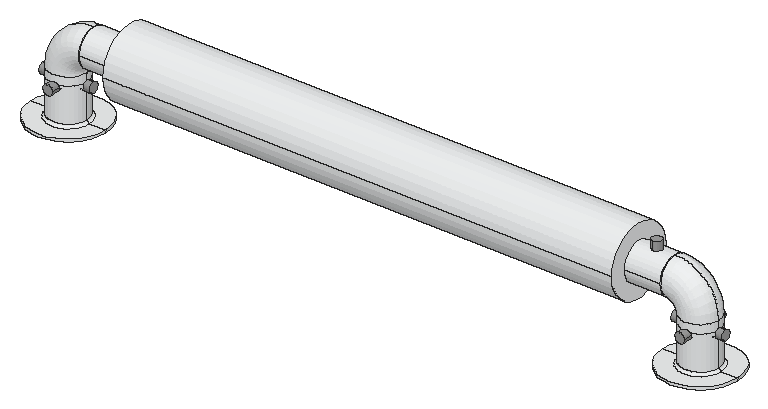
Revit family
Parameters (values of type "K76-139-12 LBR")
  r = 14.2 mm
  Welded Thick = 15 mm
  Welded Side Thick = Welded Thick + Tube Radius  # 53.05 mm
  URL = "http://viewer.zmags.com/publication/f01ae52f"
  Tube Radius = Tube Diameter / 2  # 38.05 mm
  Tube Diameter = 76.1 mm
  Tube = RAL 9016
  Thermal Performance = CTP * Length / 1000 mm  # 159.6
  Socket Offset = r + Tube Radius  # 52.25 mm
  Socket Height = 75 mm
  Socket Diameter = 10.5 mm
  Socket = RAL 9016
  Plated Thick = 10 mm
  Plated Diameter = 77.5 mm
  Plated = RAL 9016
  Pipe Length = Height - Fin Radius - Plated Thick  # 70.5 mm
  Model = "K76-139-12 LBR"
  Offset = 75 mm
  Max #1 Pole Breakers [instance] = 211
  Manufacturer = "Meinertz"  # constant formula
  Length = 1200 mm
  LBR = not(LBF)  # yes
  LBF = no
  Keynote = "K76-139-12 LBR"
  Height = 150 mm
  GoGetNo = 6966  # constant formula
  Fins = yes
  Fin Radius = Fin Diameter / 2  # 69.5 mm
  Fin Pitch = RAL 9016 F
  Fin Diameter = 139 mm
  CTP = if(Fin Diameter = 73 mm, 88, if(Fin Diameter = 83 mm, 104, if(Fin Diameter = 92 mm, 88, if(Fin Diameter = 98 mm, 82, if(Fin Diameter = 123 mm, 110, if(Fin Diameter = 139 mm, 133, 180))))))  # 133
Types (17, lengths in mm): name | r | Welded Thick | Welded Side Thick | Tube Radius | Tube Diameter | Thermal Performance | Socket Offset | Socket Height | Plated Diameter | Pipe Length | Model | Max #1 Pole Breakers | LBR | LBF | Keynote | Height | Fin Radius | Fin Diameter | CTP
  (no name) | 14.2 | 15 | 53.05 | 38.05 | 76.1 | 159.6 | 52.25 | 75 | 77.5 | 70.5 | "K76-139-12 LBR" | 211 | yes | no | "K76-139-12 LBR" | 150 | 69.5 | 139 | 133
  K33-73-08 LBF | 14.2 | 10 | 26.85 | 16.85 | 33.7 | 105.6 | 31.05 | 55 | 40 | 78.5 | "K33-73-08 LBF" | 211 | no | yes | "K33-73-08 LBF" | 125 | 36.5 | 73 | 88
  K33-83-10 LBF | 15 | 15 | 31.85 | 16.85 | 33.7 | 124.8 | 31.85 | 55 | 40 | 73.5 | "K33-83-08 LBF" | 211 | no | yes | "K33-83-08 LBF" | 125 | 41.5 | 83 | 104
  K42-92-10 LBF | 14.2 | 15 | 36.2 | 21.2 | 42.4 | 105.6 | 35.4 | 55 | 45 | 94 | "K42-92-10 LBF" | 211 | no | yes | "K42-92-10 LBF" | 150 | 46 | 92 | 88
  K48-98-10 LBF | 14.2 | 15 | 39.15 | 24.15 | 48.3 | 98.4 | 38.35 | 65 | 50 | 91 | "K48-98-10 LBF" | 211 | no | yes | "K48-98-10 LBF" | 150 | 49 | 98 | 82
  K60-110-10 LBF | 15 | 10 | 40.15 | 30.15 | 60.3 | 216 | 45.15 | 65 | 67.5 | 85 | "K60-110-10 LBF" | 211 | no | yes | "K60-110-10 LBF" | 150 | 55 | 110 | 180
  K60-123-12 LBF | 14.2 | 15 | 45.15 | 30.15 | 60.3 | 132 | 44.35 | 65 | 67.5 | 78.5 | "K60-139-12 LBF" | 211 | no | yes | "K60-139-12 LBF" | 150 | 61.5 | 123 | 110
  K76-139-12 LBF | 14.2 | 15 | 53.05 | 38.05 | 76.1 | 159.6 | 52.25 | 75 | 77.5 | 70.5 | "K76-139-12 LBF" | 211 | no | yes | "K76-139-12 LBF" | 150 | 69.5 | 139 | 133
  K101-164-12 LBR | 14.2 | 15 | 65.55 | 50.55 | 101.1 | 216 | 64.75 | 85 | 90 | 58 | "K101-164-12 LBR" | 211 | yes | no | "K101-164-12 LBR" | 150 | 82 | 164 | 180
  K33-73-08 LBR | 14.2 | 10 | 26.85 | 16.85 | 33.7 | 105.6 | 31.05 | 55 | 40 | 78.5 | "K33-73-08 LBR" | 211 | yes | no | "K33-73-08 LBR" | 125 | 36.5 | 73 | 88
  K33-83-10 LBR | 15 | 15 | 31.85 | 16.85 | 33.7 | 124.8 | 31.85 | 55 | 40 | 73.5 | "K33-83-08 LBR" | 251 | yes | no | "K33-83-08 LBR" | 125 | 41.5 | 83 | 104
  K42-92-10 LBR | 14.2 | 15 | 36.2 | 21.2 | 42.4 | 105.6 | 35.4 | 55 | 45 | 94 | "K42-92-10 LBR" | 211 | yes | no | "K42-92-10 LBR" | 150 | 46 | 92 | 88
  K48-98-10 LBR | 14.2 | 15 | 39.15 | 24.15 | 48.3 | 98.4 | 38.35 | 65 | 50 | 91 | "K48-98-10 LBR" | 211 | yes | no | "K48-98-10 LBR" | 150 | 49 | 98 | 82
  K60-110-10 LBR | 15 | 10 | 40.15 | 30.15 | 60.3 | 216 | 45.15 | 65 | 67.5 | 85 | "K60-110-10 LBR" | 211 | no | yes | "K60-110-10 LBR" | 150 | 55 | 110 | 180
  K60-123-12 LBR | 14.2 | 15 | 45.15 | 30.15 | 60.3 | 132 | 44.35 | 65 | 67.5 | 78.5 | "K60-139-12 LBR" | 211 | no | yes | "K60-139-12 LBR" | 150 | 61.5 | 123 | 110
  K76-139-12 LBR | 14.2 | 15 | 53.05 | 38.05 | 76.1 | 159.6 | 52.25 | 75 | 77.5 | 70.5 | "K76-139-12 LBR" | 211 | yes | no | "K76-139-12 LBR" | 150 | 69.5 | 139 | 133
  K101-164-12 LBF | 14.2 | 15 | 65.55 | 50.55 | 101.1 | 216 | 64.75 | 85 | 90 | 58 | "K101-164-12 LBF" | 211 | no | yes | "K101-164-12 LBF" | 150 | 82 | 164 | 180
Reference planes
  plane 1 "Center (Front/Back)": y = 0.1
  plane 2: z = 0
  plane 3 "Center (Left/Right)": x = 0.085
  plane 4: x = -599.915
  plane 5: x = 600.085
  plane 6: z = 150
  plane 7: x = -524.915
  plane 8: x = 525.085
  plane 9: x = 562.585
  plane 10: z = 111.95
  plane 11: z = 203.05
  plane 12: z = 80.5
  plane 13: z = 75
  plane 14: z = 75
  plane 15: x = -652.165
  plane 16: x = 652.335
  plane 17: z = 10
  plane 18: y = 52.35
  plane 19: x = -704.415
  plane 20: y = -52.15
  plane 21: x = -599.915
  plane 22: y = 52.35
  plane 23: x = 704.585
  plane 24: y = -52.15
  plane 25: x = 600.085
Forms (mm)
  Extrusion 1, solid, material "RAL 9016" <- "Tube"
    sketch origin (0.085, 0, 0) x (0, 1, 0) y (0, 0, 1)
      loop
        circle (0.1, 150) r 38.05
    from -600 to 600
  Sweep 2, solid, material "RAL 9016" <- "Tube"
    path origin (0, 0.1, 0) x (1, 0, 0) y (0, 0, 1)
      loop
        line (-614.115, 10) -> (-614.115, 80.5) -> (-614.115, 97.75)
        arc (-614.115, 97.75) -> (-609.956, 107.791) -> (-599.915, 111.95) r 14.2
    profile origin (-614.115, 0.1, 45.25) x (-1, 0, 0) y (0, -1, 0)
      loop
        circle (38.05, 0) r 38.05
  Revolve 3, solid, material "RAL 9016" <- "Plated", visible <- "LBF"
    sketch origin (0, 0.1, 0) x (1, 0, 0) y (0, 0, 1)
      loop
        line (-652.165, 10) -> (-729.665, 10) -> (-729.665, 0) -> (-652.165, 0) -> (-652.165, 10)
      axis (-652.165, 0) -> (-652.165, 10)
    angle from 0 to 360
  Revolve 4, solid, material "RAL 9016" <- "Plated", visible <- "LBF"
    sketch origin (0, 0.1, 0) x (1, 0, 0) y (0, 0, 1)
      loop
        line (652.335, 10) -> (652.335, 0) -> (729.835, 0) -> (729.835, 10) -> (652.335, 10)
      axis (652.335, 0) -> (652.335, 10)
    angle from 0 to 360
  Sweep 5, solid, material "RAL 9016" <- "Tube"
    path origin (0, 0.1, 0) x (1, 0, 0) y (0, 0, 1)
      loop
        line (614.285, 10) -> (614.285, 80.5) -> (614.285, 97.75)
        arc (614.285, 97.75) -> (610.126, 107.791) -> (600.085, 111.95) r 14.2
    profile origin (614.285, 0.1, 89.125) x (-1, 0, 0) y (0, -1, 0)
      loop
        circle (-38.05, 0) r 38.05
  Revolve 6, solid, material "RAL 9016" <- "Plated", visible <- "LBR"
    sketch origin (-130, 0, 0) x (1, 0, 0) y (0, 0, 1)
      loop
        line (-522.165, 10) -> (-560.215, 10)
        arc (-560.215, 10) -> (-561.68, 6.464) -> (-565.215, 5) r 5
        line (-565.215, 5) -> (-599.665, 5) -> (-599.665, 0) -> (-522.165, 0) -> (-522.165, 10)
      axis (-522.165, 0) -> (-522.165, 10)
    angle from 0 to 360
  Revolve 7, solid, material "RAL 9016" <- "Plated", visible <- "LBR"
    sketch origin (155, 0, 0) x (1, 0, 0) y (0, 0, 1)
      loop
        line (497.335, 10) -> (497.335, 0) -> (574.835, 0) -> (574.835, 5) -> (540.385, 5)
        arc (540.385, 5) -> (536.849, 6.464) -> (535.385, 10) r 5
        line (535.385, 10) -> (497.335, 10)
      axis (497.335, 0) -> (497.335, 10)
    angle from 0 to 360
  Extrusion 8, solid, material "RAL 9016 F" <- "Fin Pitch", visible <- "Fins"
    sketch origin (0.085, 0, 0) x (0, 1, 0) y (0, 0, 1)
      loop
        circle (0.1, 150) r 38.05
      loop
        circle (0.1, 150) r 69.5
    from -525 to 525
  Extrusion 9, solid, material "Tap"
    sketch origin (0, 0, 0) x (1, 0, 0) y (0, 1, 0)
      loop
        circle (-652.165, 0.1) r 10
      loop
        circle (652.335, 0.1) r 10
    from 0 to -5
  Extrusion 10, solid, material "Tap"
    sketch origin (0, 0.1, 0) x (1, 0, 0) y (0, 0, 1)
      loop
        circle (-652.165, 75) r 10
    from 0 to 52.25
  Extrusion 11, solid, material "Tap"
    sketch origin (-652.165, -1524, 8.51) x (0, 0, -1) y (0, -1, 0)
      loop
        circle (-66.49, -1524.1) r 10
    from 0 to 52.25
  Extrusion 12, solid, material "Tap"
    sketch origin (0, 0.1, 0) x (1, 0, 0) y (0, 0, 1)
      loop
        circle (-652.165, 75) r 10
    from 0 to -52.25
  Extrusion 13, solid, material "Tap"
    sketch origin (-652.165, -1524, 8.51) x (0, 0, -1) y (0, -1, 0)
      loop
        circle (-66.49, -1524.1) r 10
    from 0 to -52.25
  Extrusion 14, solid, material "Tap"
    sketch origin (0, 316.971, 150) x (0, 1, 0) y (-1, 0, 0)
      loop
        circle (-316.871, -562.585) r 10
    from 0 to 53.05
  Extrusion 15, solid, material "Tap"
    sketch origin (-652.165, -1524, 8.51) x (0, 0, -1) y (0, -1, 0)
      loop
        circle (-66.49, -1524.1) r 10
    from -1304.5 to -1252.25
  Extrusion 16, solid, material "Tap"
    sketch origin (-652.165, -1524, 8.51) x (0, 0, -1) y (0, -1, 0)
      loop
        circle (-66.49, -1524.1) r 10
    from -1304.5 to -1356.75
  Extrusion 17, solid, material "Tap"
    sketch origin (1304.5, 0.1, 0) x (1, 0, 0) y (0, 0, 1)
      loop
        circle (-652.165, 75) r 10
    from 0 to 52.25
  Extrusion 18, solid, material "Tap"
    sketch origin (1304.5, 0.1, 0) x (1, 0, 0) y (0, 0, 1)
      loop
        circle (-652.165, 75) r 10
    from 0 to -52.25
Dimensions and locks
  equal spacing: plane 4, plane 3 "Center (Left/Right)", plane 5
  "Length": plane 4 to plane 5
  "Height": plane 6 to level
  "Offset": plane 4 to plane 7
  "Offset": plane 8 to plane 5
  equal spacing: plane 8, plane 9, plane 5
  "Tube Radius": plane 6 to plane 10
  "Welded Side Thick": plane 11 to plane 6
  locked: profile plane to Sweep 2 sketch curve at 0
  "Fin Radius": plane 6 to plane 12
  "Socket Height": plane 6 to plane 14
  "Socket Height": plane 6 to plane 13
  "Socket Offset": plane 4 to plane 15
  "Socket Offset": plane 16 to plane 5
  "Plated Thick": plane 17 to level
  "Pipe Length": Sweep 2 sketch curve to Sweep 2 sketch curve
  "Plated Diameter": Revolve 3 sketch curve to plane 15
  plane 12 to level = 80.5 mm
  "Plated Diameter": Revolve 4 sketch curve to Revolve 4 sketch curve
  "Pipe Length": Sweep 5 sketch curve to Sweep 5 sketch curve
  locked: profile plane to Sweep 5 sketch curve at 0
  "Tube Radius": Revolve 7 sketch curve to Revolve 7 sketch curve
  "Plated Diameter": Revolve 7 sketch curve to Revolve 7 sketch curve
  "Plated Diameter": Revolve 6 sketch curve to Revolve 6 sketch curve
  "Tube Radius": Revolve 6 sketch curve to Revolve 6 sketch curve
  locked: Revolve 3 to Revolve 6 sketch curve at 5
  locked: Revolve 4 to Revolve 7 sketch curve at 5
  equal spacing: Extrusion 9 sketch curve, plane 15, Extrusion 9 sketch curve
  equal spacing: Extrusion 9 sketch curve, plane 1 "Center (Front/Back)", Extrusion 9 sketch curve  (x2)
  equal spacing: Extrusion 9 sketch curve, plane 16, Extrusion 9 sketch curve
  equal spacing: Extrusion 10 sketch curve, plane 15, Extrusion 10 sketch curve
  equal spacing: Extrusion 10 sketch curve, plane 13, Extrusion 10 sketch curve
  equal spacing: Extrusion 11 sketch curve, plane 1 "Center (Front/Back)", Extrusion 11 sketch curve
  equal spacing: Extrusion 11 sketch curve, plane 14, Extrusion 11 sketch curve
  equal spacing: Extrusion 12 sketch curve, plane 15, Extrusion 12 sketch curve
  equal spacing: Extrusion 12 sketch curve, plane 13, Extrusion 12 sketch curve
  equal spacing: Extrusion 13 sketch curve, plane 1 "Center (Front/Back)", Extrusion 13 sketch curve
  equal spacing: Extrusion 13 sketch curve, plane 14, Extrusion 13 sketch curve
  equal spacing: Extrusion 14 sketch curve, plane 9, Extrusion 14 sketch curve
  equal spacing: Extrusion 14 sketch curve, plane 1 "Center (Front/Back)", Extrusion 14 sketch curve
  equal spacing: Extrusion 17 sketch curve, plane 16, Extrusion 17 sketch curve
  equal spacing: Extrusion 17 sketch curve, plane 14, Extrusion 17 sketch curve
  equal spacing: Extrusion 18 sketch curve, plane 16, Extrusion 18 sketch curve
  equal spacing: Extrusion 18 sketch curve, plane 14, Extrusion 18 sketch curve
  equal spacing: Extrusion 16 sketch curve, plane 1 "Center (Front/Back)", Extrusion 16 sketch curve
  equal spacing: Extrusion 16 sketch curve, plane 14, Extrusion 16 sketch curve
  equal spacing: Extrusion 15 sketch curve, plane 1 "Center (Front/Back)", Extrusion 15 sketch curve
  equal spacing: Extrusion 15 sketch curve, plane 14, Extrusion 15 sketch curve
  "Socket Offset": plane 1 "Center (Front/Back)" to plane 22
  "Socket Offset": plane 24 to plane 1 "Center (Front/Back)"
  "Socket Offset": plane 25 to plane 16
  "Socket Offset": plane 16 to plane 23
  "Socket Offset": plane 19 to plane 15
  "Socket Offset": plane 15 to plane 21
  "Socket Offset": plane 1 "Center (Front/Back)" to plane 18
  "Socket Offset": plane 20 to plane 1 "Center (Front/Back)"
  "Tube Radius": radius of Extrusion 1 sketch curve
  "Tube Radius": radius of Sweep 2 sketch curve
  "r": radius of Sweep 2 sketch curve
  "r": radius of Sweep 5 sketch curve
  "Tube Radius": radius of Sweep 5 sketch curve
  "Tube Radius": radius of Extrusion 8 sketch curve
  "Fin Radius": radius of Extrusion 8 sketch curve
  aligned and locked: Extrusion 1 to plane 4
  aligned and locked: plane 5 to Extrusion 1
  aligned and locked: plane 4 to Sweep 2
  aligned and locked: plane 17 to Sweep 2 sketch curve
  aligned and locked: level to Revolve 3 sketch curve
  aligned and locked: Revolve 3 sketch curve to plane 17
  aligned and locked: plane 16 to Revolve 4 sketch curve
  aligned and locked: plane 17 to Revolve 4 sketch curve
  aligned and locked: Revolve 4 sketch curve to level
  aligned and locked: plane 12 to Sweep 5 sketch curve
  aligned and locked: Sweep 5 to plane 5
  aligned and locked: Revolve 6 sketch curve to plane 15
  aligned and locked: Revolve 7 sketch curve to plane 16
  aligned and locked: plane 8 to Extrusion 8
  aligned and locked: Extrusion 8 to plane 7
  aligned and locked: Extrusion 10 to plane 1 "Center (Front/Back)"
  aligned and locked: Extrusion 11 to plane 15
  aligned and locked: plane 1 "Center (Front/Back)" to Extrusion 12
  aligned and locked: plane 15 to Extrusion 13
  aligned and locked: plane 16 to Extrusion 16
  aligned and locked: Extrusion 15 to plane 16
  aligned and locked: plane 1 "Center (Front/Back)" to Extrusion 18
  aligned and locked: Extrusion 17 to plane 1 "Center (Front/Back)"
  aligned and locked: Extrusion 11 to plane 19
  aligned and locked: Extrusion 12 to plane 18
  aligned and locked: plane 21 to Extrusion 13
  aligned and locked: plane 20 to Extrusion 10
  aligned and locked: plane 25 to Extrusion 15
  aligned and locked: plane 24 to Extrusion 17
  aligned and locked: plane 23 to Extrusion 16
  aligned and locked: plane 22 to Extrusion 18
Automatic sketch dimensions
  Revolve 4 sketch curve to plane 16 = 0 mm
  Revolve 4 sketch curve to level = 20 mm
  Revolve 4 sketch curve to Revolve 4 sketch curve = 20 mm
  Revolve 7 sketch curve to plane 17 = 0 mm
  Revolve 7 sketch curve to level = 0 mm
  Revolve 7 sketch curve to plane 16 = 0 mm
  Revolve 7 sketch curve to level = 20 mm
  Revolve 7 sketch curve to Revolve 7 sketch curve = 20 mm
  Extrusion 1 sketch curve to plane 1 "Center (Front/Back)" = 0 mm
  Extrusion 1 sketch curve to plane 6 = 0 mm
  Sweep 2 sketch curve to plane 4 = 0 mm
  Sweep 2 sketch curve to plane 10 = 0 mm
  Sweep 2 sketch curve to plane 1 "Center (Front/Back)" = 0 mm
  Revolve 3 sketch curve to plane 15 = 0 mm  (x2)
  Revolve 3 sketch curve to level = 10 mm
  Revolve 3 sketch curve to Revolve 3 sketch curve = 10 mm
  Sweep 5 sketch curve to plane 5 = 0 mm
  Sweep 5 sketch curve to plane 10 = 0 mm
  Sweep 5 sketch curve to plane 1 "Center (Front/Back)" = 0 mm
  Revolve 6 sketch curve to plane 17 = 0 mm
  Revolve 6 sketch curve to level = 0 mm
  Revolve 6 sketch curve to plane 15 = 0 mm
  Revolve 6 sketch curve to Revolve 6 sketch curve = 10 mm  (x2)
  Extrusion 8 sketch curve to Extrusion 8 sketch curve = 0 mm  (x2)
  Extrusion 8 sketch curve to plane 1 "Center (Front/Back)" = 0 mm
  Extrusion 8 sketch curve to plane 6 = 0 mm
  radius of Extrusion 9 sketch curve = 10 mm  (x2)
  radius of Extrusion 10 sketch curve = 10 mm
  radius of Extrusion 11 sketch curve = 10 mm
  radius of Extrusion 12 sketch curve = 10 mm
  radius of Extrusion 13 sketch curve = 10 mm
  radius of Extrusion 14 sketch curve = 10 mm
  radius of Extrusion 17 sketch curve = 10 mm
  radius of Extrusion 18 sketch curve = 10 mm
  radius of Extrusion 16 sketch curve = 10 mm
  radius of Extrusion 15 sketch curve = 10 mm
Connectors
  piping at (-652.165, -52.15, 75)
    settings: on Extrusion 10, index 1, connector radius 10 mm, flow factor 0, pipe flow 0.0 L/s, pressure drop 0.0 Pa, fitting loss kfactor 0, connector angle 0.00°, fixture units 0, flow configuration 1, flow direction 1, fitting loss method 0, system type 22, connector reference index -1, connector utility 0, adjustable connector no, is connector primary yes, fitting loss table "", connector description ""
  piping at (-599.915, 0.1, 75)
    settings: on Extrusion 13, index 2, connector radius 10 mm, flow factor 0, pipe flow 0.0 L/s, pressure drop 0.0 Pa, fitting loss kfactor 0, connector angle 0.00°, fixture units 0, flow configuration 1, flow direction 1, fitting loss method 0, system type 22, connector reference index -1, connector utility 0, adjustable connector no, is connector primary no, fitting loss table "", connector description ""
  piping at (-704.415, 0.1, 75)
    settings: on Extrusion 11, index 3, connector radius 10 mm, flow factor 0, pipe flow 0.0 L/s, pressure drop 0.0 Pa, fitting loss kfactor 0, connector angle 0.00°, fixture units 0, flow configuration 1, flow direction 1, fitting loss method 0, system type 22, connector reference index -1, connector utility 0, adjustable connector no, is connector primary no, fitting loss table "", connector description ""
  piping at (-652.165, 52.35, 75)
    settings: on Extrusion 12, index 4, connector radius 10 mm, flow factor 0, pipe flow 0.0 L/s, pressure drop 0.0 Pa, fitting loss kfactor 0, connector angle 0.00°, fixture units 0, flow configuration 1, flow direction 1, fitting loss method 0, system type 22, connector reference index -1, connector utility 0, adjustable connector no, is connector primary no, fitting loss table "", connector description ""
  piping at (-652.165, 0.1, -5)
    settings: on Extrusion 9, index 5, connector radius 10 mm, flow factor 0, pipe flow 0.0 L/s, pressure drop 0.0 Pa, fitting loss kfactor 0, connector angle 0.00°, fixture units 0, flow configuration 1, flow direction 1, fitting loss method 0, system type 22, connector reference index -1, connector utility 0, adjustable connector no, is connector primary no, fitting loss table "", connector description ""
  piping at (652.335, 0.1, -5)
    settings: on Extrusion 9, index 6, connector radius 10 mm, flow factor 0, pipe flow 0.0 L/s, pressure drop 0.0 Pa, fitting loss kfactor 0, connector angle 0.00°, fixture units 0, flow configuration 1, flow direction 2, fitting loss method 0, system type 22, connector reference index -1, connector utility 0, adjustable connector no, is connector primary no, fitting loss table "", connector description ""
  piping at (704.585, 0.1, 75)
    settings: on Extrusion 16, index 7, connector radius 10 mm, flow factor 0, pipe flow 0.0 L/s, pressure drop 0.0 Pa, fitting loss kfactor 0, connector angle 0.00°, fixture units 0, flow configuration 1, flow direction 2, fitting loss method 0, system type 22, connector reference index -1, connector utility 0, adjustable connector no, is connector primary no, fitting loss table "", connector description ""
  piping at (652.335, 52.35, 75)
    settings: on Extrusion 18, index 8, connector radius 10 mm, flow factor 0, pipe flow 0.0 L/s, pressure drop 0.0 Pa, fitting loss kfactor 0, connector angle 0.00°, fixture units 0, flow configuration 1, flow direction 2, fitting loss method 0, system type 22, connector reference index -1, connector utility 0, adjustable connector no, is connector primary no, fitting loss table "", connector description ""
  piping at (652.335, -52.15, 75)
    settings: on Extrusion 17, index 9, connector radius 10 mm, flow factor 0, pipe flow 0.0 L/s, pressure drop 0.0 Pa, fitting loss kfactor 0, connector angle 0.00°, fixture units 0, flow configuration 1, flow direction 2, fitting loss method 0, system type 22, connector reference index -1, connector utility 0, adjustable connector no, is connector primary no, fitting loss table "", connector description ""
  piping at (600.085, 0.1, 75)
    settings: on Extrusion 15, index 10, connector radius 10 mm, flow factor 0, pipe flow 0.0 L/s, pressure drop 0.0 Pa, fitting loss kfactor 0, connector angle 0.00°, fixture units 0, flow configuration 1, flow direction 2, fitting loss method 0, system type 22, connector reference index -1, connector utility 0, adjustable connector no, is connector primary no, fitting loss table "", connector description ""
  piping at (562.585, 0.1, 203.05)
    settings: on Extrusion 14, index 11, connector radius 10 mm, flow factor 0, pipe flow 0.0 L/s, pressure drop 0.0 Pa, fitting loss kfactor 0, connector angle 0.00°, fixture units 0, flow configuration 1, flow direction 2, fitting loss method 0, system type 22, connector reference index -1, connector utility 0, adjustable connector no, is connector primary no, fitting loss table "", connector description ""
